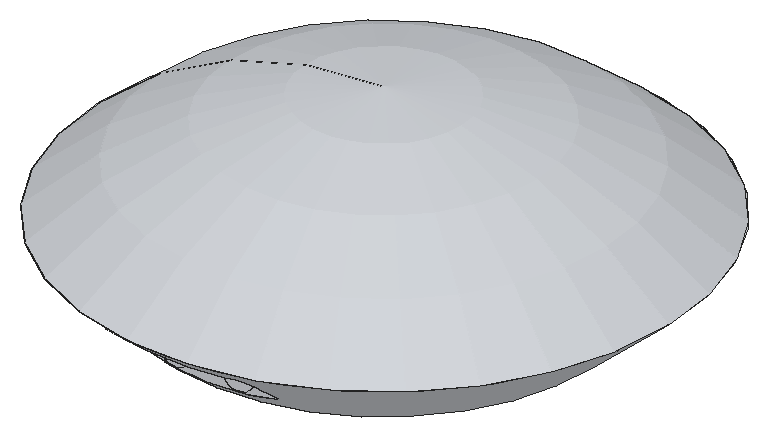
Revit family "0049020 Sylvania Lighting Fixture Start Surface IP66 2400lm 830 MW IK10 WHT", category Lighting Fixtures, host Face, Revit 2016
Family settings
  Host = Face
  Part Type = Normal
  Round Connector Dimension = Use Diameter
  OmniClass Number = 23.80.70.00
  OmniClass Title = Lighting
  Cut with Voids When Loaded = No
  Light Source = Yes
  Shared = No
  Room Calculation Point = No
Parameters (values of type "Type Name")
  power entry width = 90 mm
  power entry height = 28 mm
  power connector height = 12.5 mm
  power connector centres = 39 mm
  height = 110 mm
  connector position 2 = 40 mm
  connector length = 2 mm
  base height = 40 mm
  backplate diameter = 256 mm
  Weight = ""
  Wattage Comments = ""
  Wattage = 9.2903 W
  WarrantyStartDate [instance] = "n/a"
  WarrantyGuarantorParts = "n/a"
  WarrantyDurationUnit = "n/a"
  WarrantyDurationParts = "n/a"
  WarrantyDescription = "n/a"
  built-in parameter 1150110 = 1 (stored number, unit not read)
  Voltage = 0 V
  URL = "http://www.feilosylvania.com"
  TypeName = ""
  Type Image = <None>
  Type Comments = "n/a"
  Tube Diameter = 80 mm
  built-in parameter 1114217 = 1 (stored number, unit not read)
  Tilt Angle = 90.00°
  built-in parameter 1150109 = 1 (stored number, unit not read)
  built-in parameter 1150134 = 3
  built-in parameter 1150113 = 1 (stored number, unit not read)
  SerialNumber [instance] = "n/a"
  Photometric Web File = "0049020-450mA.ies"
  Material_3_FEILO = none
  PowerFactor = 0
  PowerConsumption = ""
  NominalLength = 0 mm
  NominalHeight = 0 mm
  NominalDepth = 0 mm
  Name = ""
  ModelReference = Name  # ""
  ModelNumber = ""
  Model = Name  # ""
  Material = ""
  ManufacturerName = "Feilo Sylvania"
  Manufacturer = "Feilo Sylvania"
  LuminousEfficacy = ""
  built-in parameter 1150105 = 109.82 (stored number, unit not read)
  Lumens = 1380 lm
  LuminaireType = ""
  built-in parameter 1150115 = 1 (stored number, unit not read)
  LightOutputRatio = ""
  built-in parameter 1150137 = (empty or 0)
  built-in parameter 1150139 = (empty or 0)
  LampsType = Lamp  # ""
  LampNominalLuminous = ""
  LampMacAdamStep = ""
  LampColourTemperature = ""
  LampColourRenderingIndex = ""
  built-in parameter 1150112 = 1 (stored number, unit not read)
  built-in parameter 1150114 = 1 (stored number, unit not read)
  Lamp = ""
  Keynote = "16500"
  InstallationDate [instance] = "n/a"
  InputVoltage = ""
  InputNominalFrequency = ""
  built-in parameter 1150132 = (empty or 0)
  built-in parameter 1150102 = (empty or 0)
  built-in parameter 1150107 = 3200 (stored number, unit not read)
  built-in parameter 1150138 = (empty or 0)
  IngressProtection = ""
  ImpactProtectionIndex = ""
  built-in parameter 1150106 = 1.0982 (stored number, unit not read)
  IfcExportType = "IfcLightFixtureType"
  IfcExportAs = "IfcLightFixtureType"
  Height = 250 mm
  ExpectedLife = 50000
  Emit from Circle Diameter = 609.6 mm
  Emit Shape Visible in Rendering = no
  ElectricShockClassification = ""
  built-in parameter 1150104 = 13.8 (stored number, unit not read)
  DurationUnit = "hours"
  DocumentationLiterature = ""
  DimmingControlOptions = ""
  Material_2_FEILO = none
  Dimming Lamp Color Temperature Shift = <None>
  Diameter = 350 mm
  Description = ""
  Default Elevation = 1219.2 mm
  CreatedOn = ""
  CreatedBy = ""
  Cost = 0
  Color Filter = 16777215
  built-in parameter 1114216 [instance] = (empty or 0)
  ClassificationValue = "EF_70_80"
  ClassificationName = "Uniclass2015"
  Material_1_FEILO = none
  BarCode [instance] = "n/a"
  built-in parameter 1114218 = 1 (stored number, unit not read)
  built-in parameter 1150133 = 10 (stored number, unit not read)
  AssetType = ""
  AssetIdentifier [instance] = "n/a"
  Assembly Code = "D5020200"
  Apparent Load = 0 VA
  Material_4_FEILO = none
Reference planes
  plane 1 "Center (Front/Back)": y = 0
  plane 2: z = 0
  plane 3 "Center (Left/Right)": x = 0
  plane 4: z = 0
  plane 5: y = 128
  plane 6: y = -128
  plane 7: y = 175
  plane 8: y = -175
  plane 9: z = 40
  plane 10: z = 110
  plane 11: x = -45.686
  plane 12: x = 44.314
  plane 13: z = 5
  plane 14: z = 33
  plane 15: y = -135
  plane 16: x = 19.5
  plane 17: x = -19.5
  plane 18: z = 20.5
  plane 19: y = -137
  plane 20: y = 135
Forms (mm)
  Blend 1, solid, detail levels medium+fine
    base sketch origin (4.2, 0, 0) x (1, 0, 0) y (0, 1, 0)
      loop
        circle (-4.2, 0) r 128
    top sketch origin (4.2, 0, 0) x (1, 0, 0) y (0, 1, 0)
      loop
        circle (-4.2, 0) r 175
    from 0 to 40
  Revolve 2, solid, detail levels medium+fine
    sketch origin (0, 0, 0) x (1, 0, 0) y (0, 0, 1)
      loop
        arc (175, 40) -> (94.148, 91.621) -> (0, 110) r 257.018
        line (0, 110) -> (0, 40) -> (175, 40)
      axis (0, 110) -> (0, 40)
    angle from -180 to 179.914
  Extrusion 3, void
    sketch origin (0, 0, 0) x (1, 0, 0) y (0, 0, 1)
      loop
        line (-45.686, 25.025) -> (-45.686, 5) -> (44.314, 5) -> (44.314, 25.025)
        arc (44.314, 25.025) -> (42.644, 30.018) -> (38.304, 33) r 8.297
        line (38.304, 33) -> (-39.676, 33)
        arc (-39.676, 33) -> (-44.015, 30.018) -> (-45.686, 25.025) r 8.297
    from 135 to 166.869
  Extrusion 4, solid, detail levels fine
    sketch origin (1524, -324.9, 1219.2) x (1, 0, 0) y (0, 0, 1)
      loop
        circle (-1504.5, -1198.7) r 11
      loop
        circle (-1543.5, -1198.7) r 11
    from -189.9 to -187.9
  Extrusion 5, void
    sketch origin (-0.686, -5.131, 0) x (-1, 0, 0) y (0, 0, 1)
      loop
        line (-45.686, 25.025) -> (-45.686, 5) -> (44.314, 5) -> (44.314, 25.025)
        arc (44.314, 25.025) -> (42.644, 30.018) -> (38.304, 33) r 8.297
        line (38.304, 33) -> (-39.676, 33)
        arc (-39.676, 33) -> (-44.015, 30.018) -> (-45.686, 25.025) r 8.297
    from 140.131 to 175.131
  Extrusion 6, solid
    sketch origin (1524, -52.9, 1219.2) x (1, 0, 0) y (0, 0, 1)
      loop
        circle (-1504.5, -1198.7) r 11
      loop
        circle (-1543.5, -1198.7) r 11
    from -189.9 to -187.9
  Extrusion 7, solid, detail levels coarse
    sketch origin (0, 1219.2, 38) x (1, 0, 0) y (0, 1, 0)
      loop
        line (175.117, -1396.13) -> (175.117, -1044.2) -> (-175, -1044.2) -> (-175, -1396.13) -> (175.117, -1396.13)
    from -38 to 72
Cuts and joins
  Extrusion 3, Extrusion 5 cuts Blend 1
  Extrusion 5 cuts Extrusion 4
Dimensions and locks
  "backplate diameter": plane 5 to plane 6
  equal spacing: plane 5, plane 1 "Center (Front/Back)", plane 6
  "Diameter": plane 7 to plane 8
  equal spacing: plane 7, plane 1 "Center (Front/Back)", plane 8
  "base height": plane 9 to level
  "height": plane 10 to host face
  "power entry width": plane 12 to plane 11
  plane 12 to imposter light to plane 11 = 44.201 mm, 45.799 mm
  "power entry height": plane 14 to plane 13
  "power connector centres": plane 17 to plane 16
  equal spacing: plane 17, plane 3 "Center (Left/Right)", plane 16
  "power connector height": plane 18 to plane 14
  "connector length": plane 15 to plane 19
  "connector position 2": plane 7 to plane 20
  aligned and locked: plane 2 to host face
  aligned and locked: level to host face
  aligned and locked: plane 10 to Extrusion 7
Automatic sketch dimensions
  host sketch curve to host sketch curve = 2438.4 mm  (x2)
  plane 1 "Center (Front/Back)" to Blend 1 sketch curve = 0 mm  (x2)
  Blend 1 sketch curve to plane 3 "Center (Left/Right)" = 0 mm  (x2)
  Revolve 2 sketch curve to plane 3 "Center (Left/Right)" = 0 mm  (x2)
  Revolve 2 sketch curve to plane 9 = 0 mm
  Revolve 2 sketch curve to plane 10 = 0 mm
  Revolve 2 sketch curve to plane 3 "Center (Left/Right)" = 1.306 mm
  plane 3 "Center (Left/Right)" to Revolve 2 sketch curve = 175 mm
  Revolve 2 sketch curve to level = 47.821 mm
  Revolve 2 sketch curve to Revolve 2 sketch curve = 80 mm
  Extrusion 3 sketch curve to plane 11 = 0 mm
  Extrusion 3 sketch curve to plane 14 = 0 mm
  Extrusion 3 sketch curve to plane 12 = 0 mm
  Extrusion 3 sketch curve to plane 13 = 0 mm
  plane 11 to Extrusion 3 sketch curve = 6.01 mm
  plane 18 to Extrusion 3 sketch curve = 4.525 mm  (x2)
  Extrusion 3 sketch curve to Extrusion 3 sketch curve = 8.297 mm
  plane 17 to Extrusion 4 sketch curve = 0 mm
  plane 16 to Extrusion 4 sketch curve = 0 mm
  Extrusion 4 sketch curve to plane 18 = 0 mm  (x2)
  Extrusion 5 sketch curve to plane 13 = 0 mm
  Extrusion 5 sketch curve to plane 14 = 0 mm
  plane 12 to Extrusion 5 sketch curve = 0.686 mm
  Extrusion 5 sketch curve to plane 12 = 5.324 mm
  plane 18 to Extrusion 5 sketch curve = 4.525 mm
  plane 11 to Extrusion 5 sketch curve = 8.982 mm
  plane 11 to Extrusion 5 sketch curve = 6.696 mm
  plane 11 to Extrusion 5 sketch curve = 0.686 mm
  plane 17 to Extrusion 6 sketch curve = 0 mm
  plane 16 to Extrusion 6 sketch curve = 0 mm
  Extrusion 6 sketch curve to plane 18 = 0 mm  (x2)
  Extrusion 7 sketch curve to plane 8 = 1.93 mm
  Extrusion 7 sketch curve to plane 11 = 129.314 mm
  plane 12 to Extrusion 7 sketch curve = 130.802 mm
  plane 5 to Extrusion 7 sketch curve = 47 mm
  radius of Blend 1 sketch curve = 128 mm
  radius of Blend 1 sketch curve = 175 mm
  radius of Extrusion 4 sketch curve = 11 mm  (x2)
  radius of Extrusion 6 sketch curve = 11 mm  (x2)
Connectors
  electrical at (19.5, 137, 20.5)
    settings: on Extrusion 6, index 1, voltage 0 V, apparent load 0 VA, apparent load phase1 0 VA, apparent load phase2 0 VA, apparent load phase3 0 VA, power factor 1, load classification "Other", number of poles 1, system type 31, power factor state 1, is connector primary yes, connector utility no, sub classification motor no, connector description ""
